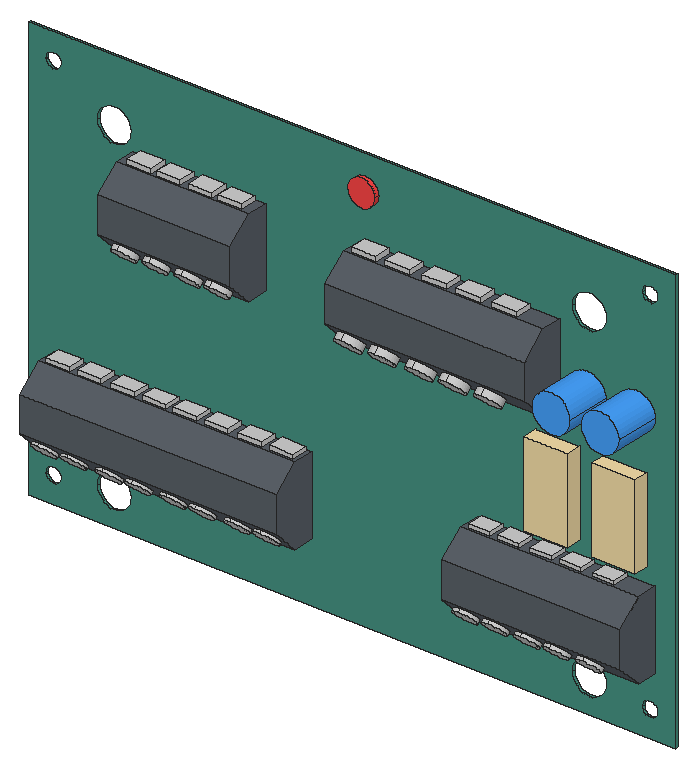
Revit family "TYCO-FPP-FireClass-FC410MIO MULTI IO MODULE", category Electrical Fixtures, Revit 2014
Parameters (values of type "TYCO-FPP-FireClass-FC410MIO MULTI IO MODULE")
  Width = 110 mm  # constant formula
  URL = "https://fireclass.co.uk/en/emea/DocumentandMedia1/Data%20Sheets/80093%20Tyco%20Datasheet_addressable%20Loop%20Modules%20LR.pdf"
  Type Comments = "The FC410MIO Multi I/O Module has three inputs and two outputs\r\nfrom latching relays."
  Storage Temperature = "–40°C to +80°C"
  STT = BLACKK
  Relative Humidity = "10% to 95%"
  RS = RS
  Relay Contacts = "27k Ohms ½"
  PCB = PCB
  Model = "FireClass - 555.800.765"
  Manufacturer = "Tyco"
  Loop Voltage = "20V to 40Vdc"
  Length = 72 mm  # constant formula
  LED = RED
  Keynote = "The two relays outputs provide volt-free relay changeover contacts."
  Input EOL = "330 Ohm"
  Description = "Multi Input/Ouput Unit"
  Operating Temperature = "- 20 - + 70 ºC"
Reference planes
  plane 1 "Center (Front/Back)": y = 0
  plane 2: z = 0
  plane 3 "Center (Left/Right)": x = 0
  plane 4: z = -36
  plane 5: z = 36
  plane 6: x = -55
  plane 7: x = 55
Forms (mm)
  Extrusion 1, solid, material "PCB" <- "PCB", detail levels fine
    sketch origin (0, 0, 0) x (1, 0, 0) y (0, 0, 1)
      loop
        line (-55, 36) -> (-55, -36) -> (55, -36) -> (55, 36) -> (-55, 36)
      loop
        circle (-40.365, 25.352) r 2.889
      loop
        circle (40.365, 25.352) r 2.889
      loop
        circle (-40.365, -30.352) r 2.889
      loop
        circle (40.365, -30.352) r 2.889
      loop
        circle (50.684, 31.572) r 1.303
      loop
        circle (-50.684, 31.572) r 1.303
      loop
        circle (50.684, -31.572) r 1.303
      loop
        circle (-50.684, -31.572) r 1.303
    from 0 to -0.404
  Extrusion 2, solid, material "BLACKK" <- "STT", detail levels fine
    sketch origin (-55, -4572, 152.221) x (0, 0, 1) y (0, -1, 0)
      loop
        line (-129.758, -4572) -> (-129.758, -4568.423) -> (-133.085, -4564.457) -> (-139.139, -4564.457) -> (-143.126, -4568.445) -> (-143.126, -4572) -> (-129.758, -4572)
    from 17.799 to 40.296
  Extrusion 3, solid, material "ST(1)", detail levels fine
    sketch origin (-55, -4.675, 22.463) x (0, 1, 0) y (-1, 0, 0)
      loop
        line (4.372, -19.25) -> (1.455, -19.25) -> (1.455, -23.404) -> (4.372, -23.404) -> (4.372, -19.25)
      loop
        line (4.372, -24.418) -> (1.455, -24.418) -> (1.455, -28.374) -> (4.372, -28.374) -> (4.372, -24.418)
      loop
        line (4.372, -29.832) -> (1.455, -29.832) -> (1.455, -33.789) -> (4.372, -33.789) -> (4.372, -29.832)
      loop
        line (4.372, -34.802) -> (1.455, -34.802) -> (1.455, -38.758) -> (4.372, -38.758) -> (4.372, -34.802)
    from 0 to 0.775
  Extrusion 4, solid, material "ST(1)", detail levels fine
    sketch origin (-55, -3.555, 9.095) x (0, -0.707107, 0.707107) y (-1, 0, 0)
      loop
        circle (2.916, -21.16) r 1.93
      loop
        circle (2.916, -26.487) r 1.93
      loop
        circle (2.916, -31.985) r 1.93
      loop
        circle (2.916, -36.985) r 1.93
    from 0 to 0.938
  Extrusion 5, solid, material "BLACKK" <- "STT", detail levels fine
    sketch origin (0, 0, 0) x (0, 1, 0) y (0, 0, 1)
      loop
        line (0, 22.463) -> (-3.577, 22.463) -> (-7.543, 19.135) -> (-7.543, 13.082) -> (-3.555, 9.095) -> (0, 9.095) -> (0, 22.463)
    from 1.43 to 35.327
  Extrusion 6, solid, material "ST(1)", detail levels fine
    sketch origin (0, -4.675, 22.463) x (0, 1, 0) y (-1, 0, 0)
      loop
        line (4.353, -2.466) -> (1.538, -2.466) -> (1.538, -6.557) -> (4.353, -6.557) -> (4.353, -2.466)
      loop
        line (4.353, -8.12) -> (1.538, -8.12) -> (1.538, -12.329) -> (4.353, -12.329) -> (4.353, -8.12)
      loop
        line (4.353, -14.327) -> (1.538, -14.327) -> (1.538, -18.535) -> (4.353, -18.535) -> (4.353, -14.327)
      loop
        line (4.353, -20.099) -> (1.538, -20.099) -> (1.538, -24.308) -> (4.353, -24.308) -> (4.353, -20.099)
      loop
        line (4.353, -26.214) -> (1.538, -26.214) -> (1.538, -30.422) -> (4.353, -30.422) -> (4.353, -26.214)
    from 0 to 0.775
  Extrusion 7, solid, material "ST(1)", detail levels fine
    sketch origin (0, -3.555, 9.095) x (0, -0.707107, 0.707107) y (-1, 0, 0)
      loop
        circle (2.842, -4.401) r 2.104
      loop
        circle (2.842, -10.198) r 2.104
      loop
        circle (2.842, -16.478) r 2.104
      loop
        circle (2.842, -22.187) r 2.104
      loop
        circle (2.842, -28.159) r 2.104
    from 0 to 1.239
  Extrusion 8, solid, material "BLACKK" <- "STT", detail levels fine
    sketch origin (55, -4572, 152.221) x (0, 0, 1) y (0, 1, 0)
      loop
        line (-164.758, 4572) -> (-178.126, 4572) -> (-178.126, 4568.445) -> (-174.139, 4564.457) -> (-168.085, 4564.457) -> (-164.758, 4568.423) -> (-164.758, 4572)
    from 3.508 to 33.651
  Extrusion 9, solid, material "ST(1)", detail levels fine
    sketch origin (55, -4.675, -12.537) x (0, 1, 0) y (-1, 0, 0)
      loop
        line (4.353, 32.797) -> (1.588, 32.797) -> (1.588, 29.139) -> (4.353, 29.139) -> (4.353, 32.797)
      loop
        line (4.353, 27.797) -> (1.588, 27.797) -> (1.588, 24.139) -> (4.353, 24.139) -> (4.353, 27.797)
      loop
        line (4.353, 22.333) -> (1.588, 22.333) -> (1.588, 18.675) -> (4.353, 18.675) -> (4.353, 22.333)
      loop
        line (4.353, 17.333) -> (1.588, 17.333) -> (1.588, 13.675) -> (4.353, 13.675) -> (4.353, 17.333)
      loop
        line (4.353, 11.694) -> (1.588, 11.694) -> (1.588, 8.036) -> (4.353, 8.036) -> (4.353, 11.694)
    from 0 to 0.574
  Extrusion 10, solid, material "ST(1)", detail levels fine
    sketch origin (55, -3.555, -25.905) x (0, -0.707107, 0.707107) y (-1, 0, 0)
      loop
        circle (2.807, 31.045) r 1.932
      loop
        circle (2.807, 26.045) r 1.932
      loop
        circle (2.807, 20.541) r 1.932
      loop
        circle (2.807, 15.541) r 1.932
      loop
        circle (2.807, 9.985) r 1.932
    from 0 to 0.657
  Extrusion 11, solid, material "BLACKK" <- "STT", detail levels fine
    sketch origin (-55, -4572, 152.221) x (0, 0, 1) y (0, -1, 0)
      loop
        line (-164.758, -4572) -> (-164.758, -4568.423) -> (-168.085, -4564.457) -> (-174.139, -4564.457) -> (-178.126, -4568.445) -> (-178.126, -4572) -> (-164.758, -4572)
    from 4.568 to 48.161
  Extrusion 12, solid, material "ST(1)", detail levels fine
    sketch origin (-55, -4.675, -12.537) x (0, 1, 0) y (-1, 0, 0)
      loop
        line (4.268, -5.49) -> (1.538, -5.49) -> (1.538, -9.499) -> (4.268, -9.499) -> (4.268, -5.49)
      loop
        line (4.268, -10.836) -> (1.538, -10.836) -> (1.538, -14.845) -> (4.268, -14.845) -> (4.268, -10.836)
      loop
        line (4.268, -16.522) -> (1.538, -16.522) -> (1.538, -20.532) -> (4.268, -20.532) -> (4.268, -16.522)
      loop
        line (4.268, -21.868) -> (1.538, -21.868) -> (1.538, -25.877) -> (4.268, -25.877) -> (4.268, -21.868)
      loop
        line (4.268, -27.079) -> (1.538, -27.079) -> (1.538, -31.089) -> (4.268, -31.089) -> (4.268, -27.079)
      loop
        line (4.268, -32.425) -> (1.538, -32.425) -> (1.538, -36.434) -> (4.268, -36.434) -> (4.268, -32.425)
      loop
        line (4.268, -38.112) -> (1.538, -38.112) -> (1.538, -42.121) -> (4.268, -42.121) -> (4.268, -38.112)
      loop
        line (4.268, -43.458) -> (1.538, -43.458) -> (1.538, -47.467) -> (4.268, -47.467) -> (4.268, -43.458)
    from 0 to 0.697
  Extrusion 13, solid, material "ST(1)", detail levels fine
    sketch origin (-55, -3.555, -25.905) x (0, -0.707107, 0.707107) y (-1, 0, 0)
      loop
        circle (2.854, -7.398) r 1.965
      loop
        circle (2.854, -12.398) r 1.965
      loop
        circle (2.854, -18.36) r 1.965
      loop
        circle (2.854, -23.36) r 1.965
      loop
        circle (2.854, -29.203) r 1.965
      loop
        circle (2.854, -34.203) r 1.965
      loop
        circle (2.854, -40.165) r 1.965
      loop
        circle (2.854, -45.165) r 1.965
    from 0 to 0.533
  Extrusion 14, solid, material "ST(2)", detail levels fine
    sketch origin (0, 0, 0) x (1, 0, 0) y (0, 0, 1)
      loop
        line (31.249, 4.227) -> (31.249, -10.066) -> (38.596, -10.066) -> (38.596, 4.227) -> (31.249, 4.227)
      loop
        line (42.673, 4.227) -> (42.673, -10.066) -> (50.019, -10.066) -> (50.019, 4.227) -> (42.673, 4.227)
    from 0 to 2.536
  Extrusion 15, solid, material "RS" <- "RS", detail levels fine
    sketch origin (0, 0, 0) x (1, 0, 0) y (0, 0, 1)
      loop
        circle (39.873, 12.952) r 3.204
      loop
        circle (48.245, 12.952) r 3.204
    from 0 to 7.543
  Extrusion 16, solid, material "RED" <- "LED", detail levels fine
    sketch origin (0, 0, 0) x (1, 0, 0) y (0, 0, 1)
      loop
        circle (2.179, 30.315) r 2.281
    from 0 to 0.748
Cuts and joins
  joined: Extrusion 2, Extrusion 5, Extrusion 8, Extrusion 11
  joined: Extrusion 3, Extrusion 6, Extrusion 9, Extrusion 12
  joined: Extrusion 4, Extrusion 7, Extrusion 10, Extrusion 13
Lines and regions (mm)
  model lines, detail levels coarse+medium
    curve 1: line (-55, 0, 36) -> (55, 0, 36)
    curve 2: line (-55, 0, -36) -> (-55, 0, 36)
    curve 3: line (55, 0, -36) -> (-55, 0, -36)
    curve 4: line (55, 0, 36) -> (55, 0, -36)
Dimensions and locks
  equal spacing: plane 5, plane 2, plane 4
  "Length": plane 5 to plane 4
  equal spacing: plane 7, plane 3 "Center (Left/Right)", plane 6
  "Width": plane 7 to plane 6
  aligned and locked: level to plane 2
  aligned and locked: plane 5 to Extrusion 1 sketch curve
  aligned and locked: plane 6 to Extrusion 1 sketch curve
  aligned and locked: plane 4 to Extrusion 1 sketch curve
  aligned and locked: plane 7 to Extrusion 1 sketch curve
  aligned and locked: Extrusion 3 to Extrusion 2
  aligned and locked: Extrusion 2 to Extrusion 6
  aligned and locked: Extrusion 16 to plane 1 "Center (Front/Back)"
  aligned and locked: plane 5 to curve 1
  aligned and locked: plane 7 to curve 4
  aligned and locked: plane 4 to curve 3
  aligned and locked: plane 6 to curve 2
Automatic sketch dimensions
  plane 6 to Extrusion 1 sketch curve = 4.316 mm  (x2)
  Extrusion 1 sketch curve to Extrusion 1 sketch curve = 10.319 mm  (x2)
  plane 4 to Extrusion 1 sketch curve = 5.648 mm  (x2)
  plane 7 to Extrusion 1 sketch curve = 14.635 mm  (x2)
  plane 7 to Extrusion 1 sketch curve = 4.316 mm  (x2)
  plane 4 to Extrusion 1 sketch curve = 4.428 mm  (x2)
  plane 5 to Extrusion 1 sketch curve = 10.648 mm  (x2)
  plane 5 to Extrusion 1 sketch curve = 4.428 mm  (x2)
  Extrusion 2 sketch curve to plane 1 "Center (Front/Back)" = 0 mm
  level to Extrusion 2 sketch curve = 9.095 mm
  Extrusion 2 sketch curve to Extrusion 2 sketch curve = 3.988 mm
  Extrusion 2 sketch curve to Extrusion 2 sketch curve = 6.053 mm
  plane 5 to Extrusion 2 sketch curve = 13.537 mm
  Extrusion 2 sketch curve to Extrusion 2 sketch curve = 3.555 mm
  plane 1 "Center (Front/Back)" to Extrusion 2 sketch curve = 7.543 mm
  plane 1 "Center (Front/Back)" to Extrusion 2 sketch curve = 3.577 mm
  Extrusion 3 sketch curve to Extrusion 2 = 0.357 mm  (x4)
  Extrusion 2 to Extrusion 3 sketch curve = 0.303 mm  (x4)
  Extrusion 2 to Extrusion 3 sketch curve = 1.538 mm
  Extrusion 3 sketch curve to Extrusion 3 sketch curve = 3.956 mm  (x3)
  Extrusion 3 sketch curve to Extrusion 3 sketch curve = 1.014 mm  (x2)
  Extrusion 3 sketch curve to Extrusion 3 sketch curve = 1.459 mm
  Extrusion 2 to Extrusion 3 sketch curve = 1.45 mm
  Extrusion 2 to Extrusion 4 sketch curve = 2.723 mm  (x4)
  Extrusion 2 to Extrusion 4 sketch curve = 3.311 mm
  Extrusion 4 sketch curve to Extrusion 4 sketch curve = 5 mm
  Extrusion 4 sketch curve to Extrusion 4 sketch curve = 5.498 mm
  Extrusion 2 to Extrusion 4 sketch curve = 3.36 mm
  Extrusion 5 sketch curve to plane 1 "Center (Front/Back)" = 0 mm
  plane 1 "Center (Front/Back)" to Extrusion 5 sketch curve = 3.555 mm
  plane 1 "Center (Front/Back)" to Extrusion 5 sketch curve = 3.577 mm
  Extrusion 5 sketch curve to Extrusion 5 sketch curve = 3.988 mm  (x2)
  level to Extrusion 5 sketch curve = 9.095 mm
  Extrusion 5 sketch curve to Extrusion 5 sketch curve = 6.053 mm
  Extrusion 5 sketch curve to Extrusion 5 sketch curve = 3.328 mm
  Extrusion 6 sketch curve to Extrusion 5 = 0.44 mm  (x5)
  Extrusion 5 to Extrusion 6 sketch curve = 0.322 mm  (x5)
  Extrusion 5 to Extrusion 6 sketch curve = 4.905 mm
  Extrusion 6 sketch curve to Extrusion 6 sketch curve = 4.208 mm  (x4)
  Extrusion 6 sketch curve to Extrusion 6 sketch curve = 1.906 mm
  Extrusion 6 sketch curve to Extrusion 6 sketch curve = 1.564 mm  (x2)
  Extrusion 6 sketch curve to Extrusion 6 sketch curve = 1.998 mm
  Extrusion 5 to Extrusion 6 sketch curve = 1.036 mm
  Extrusion 5 to Extrusion 7 sketch curve = 2.797 mm  (x5)
  Extrusion 5 to Extrusion 7 sketch curve = 7.167 mm
  Extrusion 7 sketch curve to Extrusion 7 sketch curve = 5.973 mm
  Extrusion 7 sketch curve to Extrusion 7 sketch curve = 5.709 mm
  Extrusion 7 sketch curve to Extrusion 7 sketch curve = 6.28 mm
  Extrusion 5 to Extrusion 7 sketch curve = 2.971 mm
  Extrusion 8 sketch curve to plane 1 "Center (Front/Back)" = 0 mm
  Extrusion 8 sketch curve to plane 4 = 10.095 mm
  Extrusion 8 sketch curve to Extrusion 8 sketch curve = 3.988 mm
  Extrusion 8 sketch curve to Extrusion 8 sketch curve = 6.053 mm
  Extrusion 8 sketch curve to Extrusion 8 sketch curve = 3.328 mm
  Extrusion 8 sketch curve to Extrusion 8 sketch curve = 3.555 mm
  Extrusion 8 sketch curve to Extrusion 8 sketch curve = 3.577 mm
  Extrusion 8 sketch curve to Extrusion 8 sketch curve = 3.966 mm
  Extrusion 8 to Extrusion 9 sketch curve = 0.49 mm  (x5)
  Extrusion 9 sketch curve to Extrusion 8 = 0.322 mm  (x5)
  Extrusion 8 to Extrusion 9 sketch curve = 4.529 mm
  Extrusion 9 sketch curve to Extrusion 9 sketch curve = 3.658 mm  (x4)
  Extrusion 9 sketch curve to Extrusion 9 sketch curve = 1.98 mm
  Extrusion 9 sketch curve to Extrusion 9 sketch curve = 1.342 mm  (x2)
  Extrusion 9 sketch curve to Extrusion 9 sketch curve = 1.806 mm
  Extrusion 8 to Extrusion 9 sketch curve = 0.855 mm
  Extrusion 8 to Extrusion 10 sketch curve = 2.807 mm  (x5)
  Extrusion 8 to Extrusion 10 sketch curve = 6.478 mm
  Extrusion 10 sketch curve to Extrusion 10 sketch curve = 5.555 mm
  Extrusion 10 sketch curve to Extrusion 10 sketch curve = 5 mm
  Extrusion 10 sketch curve to Extrusion 10 sketch curve = 5.505 mm
  Extrusion 8 to Extrusion 10 sketch curve = 2.606 mm
  Extrusion 11 sketch curve to plane 1 "Center (Front/Back)" = 0 mm
  plane 4 to Extrusion 11 sketch curve = 10.095 mm
  Extrusion 11 sketch curve to Extrusion 11 sketch curve = 3.988 mm
  Extrusion 11 sketch curve to Extrusion 11 sketch curve = 6.053 mm
  Extrusion 11 sketch curve to Extrusion 11 sketch curve = 3.328 mm
  Extrusion 11 sketch curve to Extrusion 11 sketch curve = 3.555 mm
  Extrusion 11 sketch curve to Extrusion 11 sketch curve = 3.577 mm
  Extrusion 11 sketch curve to Extrusion 11 sketch curve = 3.966 mm
  Extrusion 12 sketch curve to Extrusion 11 = 0.44 mm  (x8)
  Extrusion 11 to Extrusion 12 sketch curve = 0.407 mm  (x8)
  Extrusion 11 to Extrusion 12 sketch curve = 0.694 mm
  Extrusion 12 sketch curve to Extrusion 12 sketch curve = 4.009 mm  (x7)
  Extrusion 12 sketch curve to Extrusion 12 sketch curve = 1.336 mm  (x4)
  Extrusion 12 sketch curve to Extrusion 12 sketch curve = 1.678 mm  (x2)
  Extrusion 12 sketch curve to Extrusion 12 sketch curve = 1.202 mm
  Extrusion 11 to Extrusion 12 sketch curve = 0.922 mm
  Extrusion 11 to Extrusion 13 sketch curve = 2.785 mm  (x8)
  Extrusion 11 to Extrusion 13 sketch curve = 2.996 mm
  Extrusion 13 sketch curve to Extrusion 13 sketch curve = 5 mm  (x3)
  Extrusion 13 sketch curve to Extrusion 13 sketch curve = 5.962 mm  (x2)
  Extrusion 13 sketch curve to Extrusion 13 sketch curve = 5.843 mm
  Extrusion 11 to Extrusion 13 sketch curve = 2.829 mm
  Extrusion 14 sketch curve to Extrusion 1 = 23.751 mm
  Extrusion 14 sketch curve to Extrusion 14 sketch curve = 7.347 mm
  Extrusion 14 sketch curve to Extrusion 14 sketch curve = 4.076 mm
  Extrusion 14 sketch curve to Extrusion 1 = 4.981 mm
  Extrusion 14 sketch curve to Extrusion 1 = 25.934 mm
  Extrusion 14 sketch curve to Extrusion 14 sketch curve = 0 mm  (x2)
  Extrusion 14 sketch curve to Extrusion 14 sketch curve = 14.293 mm
  Extrusion 15 sketch curve to Extrusion 1 = 15.127 mm
  Extrusion 15 sketch curve to Extrusion 1 = 6.755 mm
  Extrusion 15 sketch curve to Extrusion 1 = 23.048 mm
  Extrusion 15 sketch curve to Extrusion 15 sketch curve = 0 mm
  Extrusion 16 sketch curve to Extrusion 1 = 5.685 mm
  Extrusion 16 sketch curve to Extrusion 1 = 52.821 mm
  radius of Extrusion 1 sketch curve = 2.889 mm  (x4)
  radius of Extrusion 1 sketch curve = 1.303 mm  (x4)
  radius of Extrusion 4 sketch curve = 1.93 mm  (x4)
  radius of Extrusion 7 sketch curve = 2.104 mm  (x5)
  radius of Extrusion 10 sketch curve = 1.932 mm  (x5)
  radius of Extrusion 13 sketch curve = 1.965 mm  (x8)
  radius of Extrusion 15 sketch curve = 3.204 mm  (x2)
  radius of Extrusion 16 sketch curve = 2.281 mm
Connectors
  electrical at (0, 0.404, 0)
    settings: on Extrusion 1, index 1, voltage 24 V, apparent load 0 VA, apparent load phase1 0 VA, apparent load phase2 0 VA, apparent load phase3 0 VA, power factor 1, load classification "Other", number of poles 1, system type 31, power factor state 1, is connector primary yes, connector utility no, sub classification motor no, connector description ""
